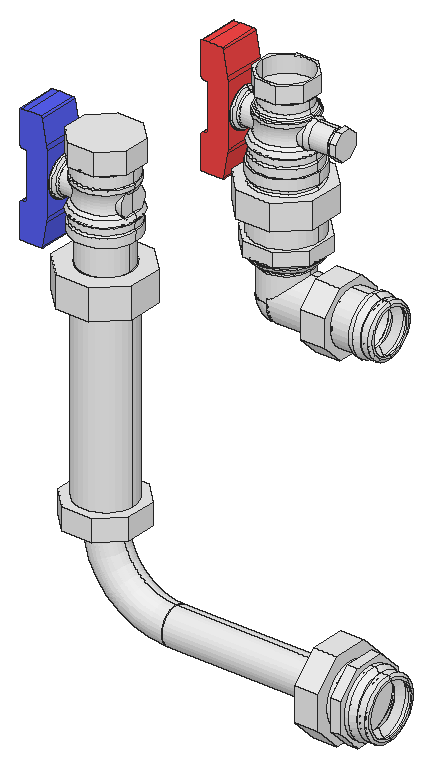
Revit family "R859KX026_027", category Generic Models, Revit 2018
Family settings
  Can host rebar = No
  Round Connector Dimension = Use Diameter
  Part Type = Normal
  Work Plane-Based = No
  Always vertical = Yes
  Cut with Voids When Loaded = No
  Shared = No
  Room Calculation Point = No
Parameters (values of type "R859KX026_3/4" F X 1" M")
  URL = "https://www.giacomini.com/en"
  Model = "R859KX026"
  Material = Giacomini Steel Red
  Manufacturer = "Giacomini S.p.A."  # constant formula
  Description = "Ball valve, with female-tail piece male threaded connections. "  # constant formula
  DN = 19.1 mm
Types (3, lengths in mm): name | Model | DN
  (no name) | "R859KX026" | 19.1
  R859KX026_3/4" F X 1" M | "R859KX026" | 19.1
  R859KX027_1" M X 1" F | "R859KX027" | 25.4
Reference planes
  plane 1 "Center (Front/Back)": y = 0
  plane 2: z = 0
  plane 3 "Center (Left/Right)": x = 0
  plane 4: z = 208
Forms (mm)
  Revolve 1, solid, material "Giacomini Stainless Steel"
    sketch origin (-3.516, 0, 208) x (1, 0, 0) y (0, 0, -1)
      loop
        line (67.516, 12.969) -> (67.516, 14.151) -> (66.537, 15.905) -> (62.498, 15.905) -> (61.516, 14.205) -> (61.516, 15.355) -> (57.998, 17.305) -> (55.784, 17.305) -> (55.784, 15.487) -> (55.203, 16.068) -> (43.057, 16.103) -> (43.057, 14.375) -> (44.057, 14.375) -> (44.057, 15.36) -> (54.496, 15.36) -> (55.077, 14.78) -> (56.516, 14.775) -> (56.516, 16.305) -> (57.74, 16.305) -> (60.516, 14.766) -> (60.516, 10.473) -> (63.075, 14.905) -> (65.95, 14.905) -> (66.516, 13.891) -> (66.516, 12.969) -> (67.516, 12.969)
      axis (43.057, 0) -> (67.516, 0)
    angle from 0 to 360
  Revolve 2, solid, material "Giacomini Stainless Steel"
    sketch origin (0, 0, 206.93) x (1, 0, 0) y (0, 0, 1)
      loop
        line (0, 17.251) -> (-14.797, 17.251) -> (-14.797, 0) -> (0, 0) -> (0, 17.251)
      axis (0, 17.251) -> (0, 0)
    angle from 0 to 360
  Revolve 3, solid, material "Giacomini Stainless Steel"
    sketch origin (55.141, 0, 206.488) x (0, 0, 1) y (-1, 0, 0)
      loop
        line (0.443, 54.971) -> (-14.797, 54.971) -> (-14.797, 32.118)
        arc (-14.797, 32.118) -> (-15.261, 30.996) -> (-16.382, 30.532) r 1.585
        line (-16.382, 30.532) -> (0.443, 30.532) -> (0.443, 54.971)
      axis (0.443, 54.971) -> (0.443, 30.532)
    angle from 0 to 360
  Sweep 4, solid, material "Giacomini Stainless Steel"
    path origin (0.625, 0, 207.243) x (1, 0, 0) y (0, 0, 1)
      loop
        arc (-14.797, 0) -> (-10.413, -10.583) -> (0.17, -14.967) r 14.967
    profile origin (-9.788, 0, 196.66) x (0.707107, 0, 0.707107) y (0, -1, 0)
      loop
        arc (14.384, 15.136) -> (-0.616, 0.136) -> (14.384, -14.864) r 15
        line (14.384, -14.864) -> (14.384, 15.136)
  Revolve 5, solid, material "Giacomini Stainless Steel"
    sketch origin (0.096, 0, 298.455) x (0, 0, -1) y (-1, 0, 0)
      loop
        line (27.794, 19.673) -> (26.784, 18.663) -> (24.226, 18.6) -> (24.226, 20.279) -> (17.776, 20.297) -> (17.776, 19.105) -> (13.09, 19.105)
        arc (13.09, 19.105) -> (12.553, 18.627) -> (11.854, 18.455) r 1.5
        line (11.854, 18.455) -> (8.078, 18.455)
        arc (8.078, 18.455) -> (7.086, 18.864) -> (6.676, 19.855) r 1.4
        line (6.676, 19.855) -> (3.837, 18.402) -> (2.047, 16.492)
        spline (2.047, 16.492) -> (1.18, 16.224) -> (0.298, 16.009) -> (-0.596, 15.852) -> (-1.499, 15.759) -> (-2.406, 15.731) -> (-3.313, 15.771) -> (-4.214, 15.876) -> (-5.106, 16.044) -> (-5.985, 16.269) -> (-6.85, 16.546) -> (-7.698, 16.869) -> (-8.53, 17.233)
        line (-8.53, 17.233) -> (-10.611, 17.306) -> (-11.324, 16.935)
        arc (-11.324, 16.935) -> (-11.431, 16.398) -> (-11.735, 15.944) r 1.4
        line (-11.735, 15.944) -> (-12.596, 15.083)
        arc (-12.596, 15.083) -> (-13.569, 14.433) -> (-14.717, 14.205) r 3
        line (-14.717, 14.205) -> (-20.011, 14.205)
        arc (-20.011, 14.205) -> (-21.03, 15.131) -> (-21.407, 16.455) r 2.511
        line (-21.407, 16.455) -> (-21.407, 0) -> (27.794, 0) -> (27.794, 19.673)
      axis (-21.407, 0) -> (27.794, 0)
    angle from 0 to 360
  Extrusion 6, solid, material "Giacomini Steel Red" <- "Material"
    sketch origin (0.096, 0, 298.455) x (0, 0, -1) y (1, 0, 0)
      loop
        line (-37.542, -42.955) -> (-18.869, -42.955)
        arc (-18.869, -42.955) -> (-17.525, -42.448) -> (-16.849, -41.179) r 2.037
        line (-16.849, -41.179) -> (-16.475, -38.955) -> (11.93, -38.955) -> (12.201, -41.179)
        arc (12.201, -41.179) -> (12.886, -42.447) -> (14.236, -42.953) r 2.054
        line (14.236, -42.953) -> (32.894, -42.955)
        arc (32.894, -42.955) -> (33.576, -42.686) -> (33.891, -42.024) r 1
        line (33.891, -42.024) -> (34.176, -37.955) -> (33.885, -29.617)
        arc (33.885, -29.617) -> (33.64, -28.996) -> (33.059, -28.667) r 1
        line (33.059, -28.667) -> (19.054, -26.198)
        arc (19.054, -26.198) -> (17.67, -26.015) -> (16.276, -25.955) r 16
        line (16.276, -25.955) -> (-20.924, -25.955)
        arc (-20.924, -25.955) -> (-22.319, -26.015) -> (-23.703, -26.198) r 16
        line (-23.703, -26.198) -> (-37.707, -28.667)
        arc (-37.707, -28.667) -> (-38.288, -28.996) -> (-38.533, -29.617) r 1
        line (-38.533, -29.617) -> (-38.824, -37.955) -> (-38.54, -42.024)
        arc (-38.54, -42.024) -> (-38.224, -42.686) -> (-37.542, -42.955) r 1
    from -12.042 to 12.05
  Revolve 7, solid, material "Giacomini Stainless Steel"
    sketch origin (0.096, 0, 298.455) x (0, 0, -1) y (-1, 0, 0)
      loop
        arc (-14.224, 24.932) -> (-14.09, 24.432) -> (-13.724, 24.066) r 1
        line (-13.724, 24.066) -> (-12.074, 23.113)
        arc (-12.074, 23.113) -> (-11.525, 22.564) -> (-11.324, 21.814) r 1.5
        line (-11.324, 21.814) -> (-11.324, -16.935) -> (-9.824, -19.335) -> (-9.824, -31.145) -> (-9.032, -31.642) -> (-9.824, -31.642) -> (-9.824, -33.145) -> (-2.324, -33.145) -> (-2.324, 25.955) -> (-14.224, 25.955) -> (-14.224, 24.932)
      axis (-2.324, -33.145) -> (-2.324, 25.955)
    angle from 0 to 360
  Extrusion 8, solid, material "Giacomini Stainless Steel"
    sketch origin (0.096, 0, 298.455) x (1, 0, 0) y (0, 1, 0)
      loop
        line (9.868, -25) -> (24.513, -10.355) -> (24.513, 10.355) -> (9.868, 25) -> (-10.843, 25) -> (-25.487, 10.355) -> (-25.487, -10.355) -> (-10.843, -25) -> (9.868, -25)
      loop
        circle (0.007, 0) r 16
    from -43.423 to -27.794
  Extrusion 9, solid, material "Giacomini Stainless Steel"
    sketch origin (0.096, 0, 297.986) x (0, 0, -1) y (0, -1, 0)
      loop
        line (5.103, -3.314) -> (5.103, 3.314) -> (0.416, 8) -> (-6.211, 8) -> (-10.897, 3.314) -> (-10.897, -3.314) -> (-6.211, -8) -> (0.416, -8) -> (5.103, -3.314)
    from -36.455 to -33.145
  Extrusion 10, solid, material "Giacomini Stainless Steel"
    sketch origin (0, 0, 133.595) x (1, 0, 0) y (0, 1, 0)
      loop
        line (16, 6.627) -> (6.627, 16) -> (-6.627, 16) -> (-16, 6.627) -> (-16, -6.627) -> (-6.627, -16) -> (6.627, -16) -> (16, -6.627) -> (16, 6.627)
      loop
        circle (0.17, 0) r 15
    from 186.267 to 196.336
  Revolve 11, solid, material "Giacomini Stainless Steel"
    sketch origin (0, 0, 188.595) x (1, 0, 0) y (0, 0, 1)
      loop
        line (0.103, 66.437) -> (-19.897, 66.437) -> (-19.897, 53.422) -> (0.103, 53.422) -> (0.103, 66.437)
      axis (0.103, 66.437) -> (0.103, 53.422)
    angle from 0 to 360
  Extrusion 12, solid, material "Giacomini Stainless Steel"
    sketch origin (0, 0, 190.58) x (1, 0, 0) y (0, 1, 0)
      loop
        line (22, 9.113) -> (9.113, 22) -> (-9.113, 22) -> (-22, 9.113) -> (-22, -9.113) -> (-9.113, -22) -> (9.113, -22) -> (22, -9.113) -> (22, 9.113)
    from 42.799 to 51.437
  Revolve 13, solid, material "Giacomini Stainless Steel"
    sketch origin (0, 0, 190.58) x (1, 0, 0) y (0, 0, 1)
      loop
        arc (-22, 42.799) -> (-20.831, 41.888) -> (-19.92, 40.719) r 6.031
        line (-19.92, 40.719) -> (-19.92, 39.815)
        arc (-19.92, 39.815) -> (-19.568, 38.681) -> (-18.634, 37.946) r 2
        line (-18.634, 37.946) -> (-16.614, 37.175)
        arc (-16.614, 37.175) -> (-15.067, 36.325) -> (-14.797, 34.58) r 2
        line (-14.797, 34.58) -> (-14.797, 33.602) -> (0, 33.602) -> (0, 42.799) -> (-22, 42.799)
      axis (0, 42.799) -> (0, 33.602)
    angle from 0 to 360
  Extrusion 14, solid, material "Giacomini Stainless Steel"
    sketch origin (0, 0, 206.93) x (0, 1, 0) y (0, 0, 1)
      loop
        line (20, 8.284) -> (8.284, 20) -> (-8.284, 20) -> (-20, 8.284) -> (-20, -8.284) -> (-8.284, -20) -> (8.284, -20) -> (20, -8.284) -> (20, 8.284)
    from 24.609 to 39.541
Dimensions and locks
  aligned and locked: level to plane 2
  aligned and locked: Revolve 2 to Revolve 13
Nested families
  nested 1: "R859KX027_LONG" at (-111.247, 0, 0), type "R859KX027_Long_Hot"
Connectors
  piping at (0.17, 0, 329.93), diameter 19.1, driven by "DN"
    settings: on Extrusion 10, index 1, connector inside diameter 609.6 mm, connector length 0 mm, flow factor 0, pipe flow 0.0 L/s, pressure drop 0.0 Pa, fitting loss kfactor 0, connector angle 0.00°, fixture units 0, engagement length 0 mm, angle of deflection 0.00°, flow configuration 0, flow direction 1, fitting loss method 0, system type 7, joint type 0, gender type 0, connector reference index -1, connector utility 0, adjustable connector no, is connector primary yes, connector description ""
  piping at (64, 0, 208), diameter 25.4
    settings: on Revolve 1, index 2, connector inside diameter 609.6 mm, connector length 0 mm, flow factor 0, pipe flow 0.0 L/s, pressure drop 0.0 Pa, fitting loss kfactor 0, connector angle 0.00°, fixture units 0, engagement length 0 mm, angle of deflection 0.00°, flow configuration 0, flow direction 2, fitting loss method 0, system type 7, joint type 0, gender type 0, connector reference index -1, connector utility 0, adjustable connector no, is connector primary no, connector description ""
  piping at (-111.077, 0, 256.033), diameter 19.1, driven by "DN"
    settings: on nested 1, index 3, connector inside diameter 609.6 mm, connector length 0 mm, flow factor 0, pipe flow 0.0 L/s, pressure drop 0.0 Pa, fitting loss kfactor 0, connector angle 0.00°, fixture units 0, engagement length 0 mm, angle of deflection 0.00°, flow configuration 0, flow direction 2, fitting loss method 0, system type 8, joint type 0, gender type 0, connector reference index -1, connector utility 0, adjustable connector no, is connector primary no, connector description ""
  piping at (64, 0, 0), diameter 25.4
    settings: on nested 1, index 4, connector inside diameter 609.6 mm, connector length 0 mm, flow factor 0, pipe flow 0.0 L/s, pressure drop 0.0 Pa, fitting loss kfactor 0, connector angle 0.00°, fixture units 0, engagement length 0 mm, angle of deflection 0.00°, flow configuration 0, flow direction 1, fitting loss method 0, system type 8, joint type 0, gender type 0, connector reference index -1, connector utility 0, adjustable connector no, is connector primary no, connector description ""
Definition of nested family "R859KX027_LONG"
  Parameters (values of type "R859KX027_Long_Cold")
    Material = none
  Types (3): name
    (no name)
    R859KX027_Long_Hot
    R859KX027_Long_Cold
  Reference planes
    plane 1 "Center (Front/Back)": y = 0
    plane 2: z = 0
    plane 3 "Center (Left/Right)": x = 0
    plane 4: z = -562
    plane 5: z = -562
  Forms (mm)
    Extrusion 1, solid
      sketch origin (0, 0, -91.351) x (1, 0, 0) y (0, 1, 0)
        loop
          line (22, 9.113) -> (9.113, 22) -> (-9.113, 22) -> (-22, 9.113) -> (-22, -9.113) -> (-9.113, -22) -> (9.113, -22) -> (22, -9.113) -> (22, 9.113)
      from 134.611 to 147.559
    Revolve 2, solid
      sketch origin (0.096, 0, 221.524) x (0, 0, -1) y (-1, 0, 0)
        loop
          arc (13.09, 19.105) -> (12.553, 18.627) -> (11.854, 18.455) r 1.5
          line (11.854, 18.455) -> (8.078, 18.455)
          arc (8.078, 18.455) -> (7.086, 18.864) -> (6.676, 19.855) r 1.4
          line (6.676, 19.855) -> (3.837, 18.402) -> (2.047, 16.492)
          spline (2.047, 16.492) -> (1.033, 16.254) -> (0.007, 16.079) -> (-1.029, 15.971) -> (-2.07, 15.936) -> (-3.11, 15.977) -> (-4.145, 16.095) -> (-5.169, 16.288) -> (-6.176, 16.551) -> (-7.165, 16.879) -> (-8.132, 17.265) -> (-9.077, 17.703) -> (-10.001, 18.185)
          line (-10.001, 18.185) -> (-12.406, 18.185)
          arc (-12.406, 18.185) -> (-12.71, 17.79) -> (-13.185, 17.64) r 0.829
          line (-13.185, 17.64) -> (-20.121, 17.64)
          arc (-20.121, 17.64) -> (-21.03, 18.016) -> (-21.407, 18.926) r 1.286
          line (-21.407, 18.926) -> (-21.407, 0.096) -> (36.628, 0.096) -> (36.628, 15.096) -> (19.096, 15.096)
          arc (19.096, 15.096) -> (18.617, 15.294) -> (18.419, 15.773) r 0.677
          line (18.419, 15.773) -> (18.419, 19.105) -> (13.09, 19.105)
        axis (-21.407, 0.096) -> (36.628, 0.096)
      angle from 0 to 360
    Extrusion 3, solid
      sketch origin (0.096, 0, 221.524) x (0, 0, -1) y (1, 0, 0)
        loop
          line (-37.542, -42.955) -> (-18.869, -42.955)
          arc (-18.869, -42.955) -> (-17.525, -42.448) -> (-16.849, -41.179) r 2.037
          line (-16.849, -41.179) -> (-16.475, -38.955) -> (11.93, -38.955) -> (12.201, -41.179)
          arc (12.201, -41.179) -> (12.886, -42.447) -> (14.236, -42.953) r 2.054
          line (14.236, -42.953) -> (32.894, -42.955)
          arc (32.894, -42.955) -> (33.576, -42.686) -> (33.891, -42.024) r 1
          line (33.891, -42.024) -> (34.176, -37.955) -> (33.885, -29.617)
          arc (33.885, -29.617) -> (33.64, -28.996) -> (33.059, -28.667) r 1
          line (33.059, -28.667) -> (19.054, -26.198)
          arc (19.054, -26.198) -> (17.67, -26.015) -> (16.276, -25.955) r 16
          line (16.276, -25.955) -> (-20.924, -25.955)
          arc (-20.924, -25.955) -> (-22.319, -26.015) -> (-23.703, -26.198) r 16
          line (-23.703, -26.198) -> (-37.707, -28.667)
          arc (-37.707, -28.667) -> (-38.288, -28.996) -> (-38.533, -29.617) r 1
          line (-38.533, -29.617) -> (-38.824, -37.955) -> (-38.54, -42.024)
          arc (-38.54, -42.024) -> (-38.224, -42.686) -> (-37.542, -42.955) r 1
      from -12.042 to 12.05
    Revolve 4, solid
      sketch origin (0.096, 0, 221.524) x (0, 0, -1) y (-1, 0, 0)
        loop
          arc (-14.224, 24.932) -> (-14.09, 24.432) -> (-13.724, 24.066) r 1
          line (-13.724, 24.066) -> (-12.074, 23.113)
          arc (-12.074, 23.113) -> (-11.525, 22.564) -> (-11.324, 21.814) r 1.5
          line (-11.324, 21.814) -> (-11.324, -16.935) -> (-2.324, -16.935) -> (-2.324, 25.955) -> (-14.224, 25.955) -> (-14.224, 24.932)
        axis (-2.324, -16.935) -> (-2.324, 25.955)
      angle from 0 to 360
    Extrusion 5, solid
      sketch origin (0.096, 0, 221.524) x (1, 0, 0) y (0, 1, 0)
        loop
          line (9.868, -25) -> (24.513, -10.355) -> (24.513, 10.355) -> (9.868, 25) -> (-10.843, 25) -> (-25.487, 10.355) -> (-25.487, -10.355) -> (-10.843, -25) -> (9.868, -25)
        loop
          circle (0.007, 0) r 16
      from -55.316 to -36.628
    Revolve 6, solid
      sketch origin (0, 0, 111.664) x (1, 0, 0) y (0, 0, 1)
        loop
          line (0.103, 54.544) -> (-16.897, 54.544) -> (-16.897, -55.456) -> (0.103, -55.456) -> (0.103, 54.544)
        axis (0.103, 54.544) -> (0.103, -55.456)
      angle from 0 to 360
    Extrusion 7, solid
      sketch origin (0, 0, 130) x (1, 0, 0) y (0, 1, 0)
        loop
          line (19.17, 7.87) -> (8.04, 19) -> (-7.7, 19) -> (-18.83, 7.87) -> (-18.83, -7.87) -> (-7.7, -19) -> (8.04, -19) -> (19.17, -7.87) -> (19.17, 7.87)
      from 112.932 to 126.033
    Sweep 8, solid
      path origin (0, 0, 0) x (1, 0, 0) y (0, 0, 1)
        loop
          arc (0, 43.261) -> (12.671, 12.671) -> (43.261, 0) r 43.261
      profile origin (12.671, 0, 12.671) x (0.707107, 0, 0.707107) y (0, -1, 0)
        loop
          circle (0, 0) r 11
    Revolve 9, solid
      sketch origin (107.731, 0, 0) x (1, 0, 0) y (0, 0, -1)
        loop
          line (67.516, 15.469) -> (67.516, 16.651) -> (66.537, 18.405) -> (62.185, 18.405) -> (61.204, 16.705) -> (61.204, 17.855) -> (57.686, 19.805) -> (54.546, 19.805) -> (54.546, 17.275) -> (55.579, 17.275) -> (55.579, 18.805) -> (57.427, 18.805) -> (60.204, 17.266) -> (60.204, 12.973) -> (62.763, 17.405) -> (65.95, 17.405) -> (66.516, 16.391) -> (66.516, 15.469) -> (67.516, 15.469)
        axis (54.546, 0) -> (67.516, 0)
      angle from 0 to 360
    Revolve 10, solid
      sketch origin (0, 0, 0) x (1, 0, 0) y (0, 0, 1)
        loop
          line (43.261, 0) -> (136.261, 0) -> (136.261, 11) -> (43.261, 11) -> (43.261, 0)
        axis (43.261, 0) -> (136.261, 0)
      angle from 0 to 360
    Extrusion 11, solid
      sketch origin (0, 0, 0) x (0, 1, 0) y (0, 0, 1)
        loop
          line (22, 9.113) -> (9.113, 22) -> (-9.113, 22) -> (-22, 9.113) -> (-22, -9.113) -> (-9.113, -22) -> (9.113, -22) -> (22, -9.113) -> (22, 9.113)
      from 156.256 to 162.276
    Extrusion 12, solid
      sketch origin (0, 0, 0) x (0, 1, 0) y (0, 0, 1)
        loop
          line (25, 10.355) -> (10.355, 25) -> (-10.355, 25) -> (-25, 10.355) -> (-25, -10.355) -> (-10.355, -25) -> (10.355, -25) -> (25, -10.355) -> (25, 10.355)
      from 136.261 to 150.452
    Revolve 13, solid
      sketch origin (0, 0, 0) x (1, 0, 0) y (0, 0, 1)
        loop
          line (150.406, 0) -> (156.256, 0) -> (156.256, 18.55)
          arc (156.256, 18.55) -> (155.592, 17.577) -> (154.619, 16.914) r 3.166
          line (154.619, 16.914) -> (152.042, 16.914)
          arc (152.042, 16.914) -> (151.069, 17.577) -> (150.406, 18.55) r 3.166
          line (150.406, 18.55) -> (150.406, 0)
        axis (150.406, 0) -> (156.256, 0)
      angle from 0 to 360
  Dimensions and locks
    Extrusion 5 to Extrusion 1 = 110 mm
    Revolve 6 to Revolve 6 = 110 mm
    aligned and locked: level to plane 2
    aligned and locked: Revolve 4 sketch curve to Revolve 4 sketch curve
